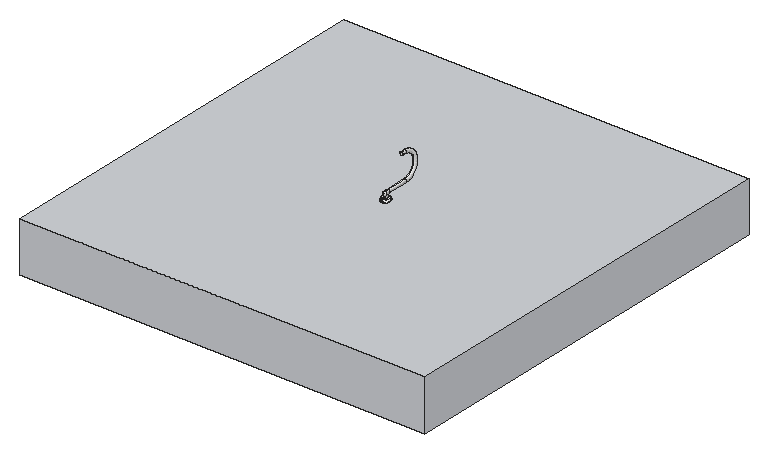
Revit family "Outlet-Sink-Caroma G Series 160-Wall_Temp_11e94ab0-6f09-42e9-84ed-d6e53cae7bb1", category Plumbing Fixtures, host Face, Revit 2015
Parameters (values of type "Chrome")
  Waste Connection = no
  Vent Connection = no
  URL = "http://specify.caroma.com.au/"
  Type Comments = "Caroma G Series Plus Wall Sink Outlet 160mm"  # constant formula
  ModifiedIssue_ANZRS = 20170419.54  # constant formula
  Model = "G02800C4A"  # constant formula
  Material_ANZRS = Metal-Chrome-Caroma
  Manufacturer = "GWA Bathrooms&Kitchens"  # constant formula
  Keynote = ""
  HWFU = 0
  HW Connection = no
  Description = "WELS 4 star rated, 7.5L/min"  # constant formula
  Default Elevation = 1000 mm
  CreatedBy_ANZRS = "Design Content"  # constant formula
  CreatedByURL_ANZRS = "http://www.designcontent.com.au/"
  Cost = 0
  ConnectorDiameter = 20 mm
  CWFU = 0
  CW Connection = yes
  Assembly Code = "D2020"
Reference planes
  plane 1 "Center (Front/Back)": y = 0
  plane 2: z = 0
  plane 3 "Center (Left/Right)": x = 0
Forms (mm)
  Extrusion 1, solid
    sketch origin (-11.577, 4.584, 0) x (1, 0, 0) y (0, 1, 0)
      loop
        line (-1219.2, 1219.2) -> (-1219.2, -1219.2) -> (1219.2, -1219.2) -> (1219.2, 1219.2) -> (-1219.2, 1219.2)
    from 0 to -304.8
  Revolve 2, solid, material "Metal-Chrome-Caroma" <- "Material_ANZRS"
    sketch origin (0.225, 0, 0) x (0, 1, 0) y (0, 0, 1)
      loop
        line (-23.862, 9.872) -> (-28.131, 0.717)
        arc (-28.131, 0.717) -> (-28.127, 0.275) -> (-27.781, 0) r 0.513
        line (-27.781, 0) -> (0, 0) -> (0, 36.03) -> (-7.998, 36.03) -> (-7.998, 15.834)
        arc (-7.998, 15.834) -> (-8.762, 13.833) -> (-10.667, 12.853) r 3
        arc (-10.667, 12.853) -> (-13.746, 12.425) -> (-16.821, 11.962) r 270.607
        arc (-16.821, 11.962) -> (-19.88, 11.399) -> (-22.905, 10.675) r 58.369
        arc (-22.905, 10.675) -> (-23.472, 10.379) -> (-23.862, 9.872) r 1.478
      axis (0, 36.03) -> (0, 0)
    angle from 0 to 360
  Revolve 3, solid, material "Metal-Chrome-Caroma" <- "Material_ANZRS"
    sketch origin (0.156, 0, 0) x (0, 1, 0) y (0, 0, 1)
      loop
        arc (-13.001, 29.99) -> (-12.125, 27.876) -> (-10.011, 27) r 2.99
        line (-10.011, 27) -> (13.544, 27)
        arc (13.544, 27) -> (14.558, 27.42) -> (15.006, 28.434) r 1.434
        line (15.006, 28.434) -> (15.006, 38.099) -> (-13.001, 38.099) -> (-13.001, 29.99)
      axis (-13.001, 38.099) -> (15.006, 38.099)
    angle from 0 to 360
  Sweep 4, solid, material "Metal-Chrome-Caroma" <- "Material_ANZRS"
    path origin (0, 0, 0) x (0, 1, 0) y (0, 0, 1)
      loop
        line (14.964, 38.103) -> (142.047, 38.103)
        arc (142.047, 38.103) -> (222.046, 118.101) -> (142.047, 198.1) r 79.999
        line (142.047, 198.1) -> (121.354, 198.1)
    profile origin (0, 78.506, 38.103) x (0, 0, 1) y (1, 0, 0)
      loop
        circle (-0.035, 0.283) r 9.5
Cuts and joins
  joined: Revolve 2, Sweep 4
Lines and regions (mm)
  Masking region 1
    outline origin (0, -0.549, 0) x (0, 1, 0) y (0, 0, 1)
      loop
        line (142.698, 207.629) -> (121.903, 207.629) -> (121.903, 188.55) -> (142.608, 188.55)
        arc (142.608, 188.55) -> (213.058, 118.1) -> (142.608, 47.65) r 70.45
        line (142.608, 47.65) -> (15.556, 47.65)
        arc (15.556, 47.65) -> (15.504, 48.073) -> (15.346, 48.47) r 1.655
        arc (15.346, 48.47) -> (14.76, 49.041) -> (13.956, 49.198) r 1.434
        line (13.956, 49.198) -> (-9.445, 49.198)
        arc (-9.445, 49.198) -> (-11.571, 48.318) -> (-12.452, 46.192) r 3.006
        line (-12.452, 46.192) -> (-12.452, 29.99)
        arc (-12.452, 29.99) -> (-11.576, 27.876) -> (-9.462, 27) r 2.99
        line (-9.462, 27) -> (-7.449, 27) -> (-7.449, 15.824)
        arc (-7.449, 15.824) -> (-7.696, 14.777) -> (-8.213, 13.834) r 3.998
        arc (-8.213, 13.834) -> (-9.1, 13.216) -> (-10.117, 12.853) r 4.08
        arc (-10.117, 12.853) -> (-13.197, 12.425) -> (-16.271, 11.962) r 270.607
        arc (-16.271, 11.962) -> (-19.331, 11.399) -> (-22.355, 10.675) r 58.369
        arc (-22.355, 10.675) -> (-22.923, 10.379) -> (-23.312, 9.872) r 1.478
        line (-23.312, 9.872) -> (-27.581, 0.717)
        arc (-27.581, 0.717) -> (-27.577, 0.275) -> (-27.231, 0) r 0.513
        line (-27.231, 0) -> (0.549, 0) -> (28.33, 0)
        arc (28.33, 0) -> (28.676, 0.275) -> (28.68, 0.717) r 0.513
        line (28.68, 0.717) -> (24.411, 9.872)
        arc (24.411, 9.872) -> (24.021, 10.379) -> (23.454, 10.675) r 1.478
        arc (23.454, 10.675) -> (20.429, 11.399) -> (17.37, 11.962) r 58.369
        arc (17.37, 11.962) -> (14.295, 12.425) -> (11.216, 12.853) r 270.607
        arc (11.216, 12.853) -> (10.198, 13.216) -> (9.312, 13.834) r 4.08
        arc (9.312, 13.834) -> (8.795, 14.777) -> (8.548, 15.824) r 3.998
        line (8.548, 15.824) -> (8.548, 27) -> (14.094, 27)
        arc (14.094, 27) -> (14.82, 27.198) -> (15.346, 27.736) r 1.434
        arc (15.346, 27.736) -> (15.506, 28.141) -> (15.555, 28.575) r 1.655
        line (15.555, 28.575) -> (142.698, 28.575)
        arc (142.698, 28.575) -> (232.225, 118.102) -> (142.698, 207.629) r 89.527
  Masking region 2
    outline origin (0, 0, 0) x (1, 0, 0) y (0, 0, 1)
      loop
        line (9.783, 198.141) -> (9.783, 43.621)
        arc (9.783, 43.621) -> (11.218, 36.751) -> (8.22, 30.405) r 11.035
        line (8.22, 30.405) -> (8.22, 15.666)
        arc (8.22, 15.666) -> (9.051, 13.78) -> (10.891, 12.853) r 3.051
        arc (10.891, 12.853) -> (13.448, 12.516) -> (15.999, 12.135) r 148.371
        arc (15.999, 12.135) -> (18.965, 11.652) -> (21.896, 10.988) r 49.043
        arc (21.896, 10.988) -> (22.569, 10.828) -> (23.235, 10.642) r 17.544
        arc (23.235, 10.642) -> (23.709, 10.378) -> (24.036, 9.945) r 1.316
        line (24.036, 9.945) -> (28.343, 0.728)
        arc (28.343, 0.728) -> (28.361, 0.277) -> (28.005, 0) r 0.493
        line (28.005, 0) -> (-27.556, 0)
        arc (-27.556, 0) -> (-27.912, 0.277) -> (-27.893, 0.728) r 0.493
        line (-27.893, 0.728) -> (-23.587, 9.945)
        arc (-23.587, 9.945) -> (-23.26, 10.378) -> (-22.785, 10.642) r 1.316
        arc (-22.785, 10.642) -> (-22.12, 10.828) -> (-21.447, 10.988) r 17.544
        arc (-21.447, 10.988) -> (-18.516, 11.652) -> (-15.55, 12.135) r 49.043
        arc (-15.55, 12.135) -> (-12.999, 12.516) -> (-10.442, 12.853) r 148.371
        arc (-10.442, 12.853) -> (-8.602, 13.78) -> (-7.771, 15.666) r 3.051
        line (-7.771, 15.666) -> (-7.771, 30.263)
        arc (-7.771, 30.263) -> (-10.916, 36.827) -> (-9.291, 43.921) r 11.035
        line (-9.291, 43.921) -> (-9.291, 198.141)
        arc (-9.291, 198.141) -> (0.199, 207.63) -> (9.688, 198.141) r 9.489
  Masking region 3
    outline origin (0.449, 3.868, 0) x (-1, 0, 0) y (0, -1, 0)
      loop
        line (-9.47, -22.838) -> (-9.47, -218.07)
        arc (-9.47, -218.07) -> (0.141, -227.681) -> (9.752, -218.07) r 9.611
        line (9.752, -218.07) -> (9.752, -22.907)
        arc (9.752, -22.907) -> (0.338, 32.107) -> (-9.47, -22.838) r 28.33
  symbolic lines, style "PlumbingFixtures"
    curve 1: arc (0, -7.999, 27) -> (0, -4.276, 29.352) -> (0, 0, 30.405) r 13.735
    curve 2: arc (0, 7.999, 27) -> (0, 4.276, 29.352) -> (0, 0, 30.405) r 13.735
    curve 3: arc (0.283, 0, 28.548) -> (6.793, 0, 31.122) -> (9.783, 0, 37.451) r 9.52
    curve 4: arc (-9.237, 0, 38.068) -> (-6.449, 0, 31.336) -> (0.283, 0, 28.548) r 9.52
    curve 5: line (0, 15.006, 47.63) -> (0, 15.006, 28.575)
    curve 6: line (-9.261, 121.343, 0) -> (9.919, 121.343, 0)
    curve 7: line (9.919, 14.978, 0) -> (2.484, 14.978, 0)
    curve 8: line (-8.031, -12.988, 0) -> (8.482, -12.988, 0)
    curve 9: line (-10.951, 13.571, 0) -> (-10.951, -10.068, 0)
    curve 15: line (11.402, 13.571, 0) -> (11.402, -10.068, 0)
  symbolic lines
    curve 10: arc (-10.951, -10.068, 0) -> (-10.095, -12.133, 0) -> (-8.031, -12.988, 0) r 2.92
    curve 11: arc (-9.544, 14.978, 0) -> (-10.539, 14.566, 0) -> (-10.951, 13.571, 0) r 1.406
    curve 12: line (-9.303, 26.775, 0) -> (-9.303, 14.978, 0)
    curve 13: line (9.919, 26.706, 0) -> (9.919, 14.978, 0)
    curve 14: line (2.484, 14.978, 0) -> (-9.544, 14.978, 0)
    curve 16: arc (11.402, -10.068, 0) -> (10.547, -12.133, 0) -> (8.482, -12.988, 0) r 2.92
    curve 17: arc (9.919, 14.976, 0) -> (10.963, 14.593, 0) -> (11.402, 13.571, 0) r 1.406
    curve 18: line (-9.291, 0, 43.921) -> (-9.291, 0, 38.068)
    curve 19: line (9.783, 0, 43.621) -> (9.783, 0, 37.451)
    curve 20: arc (8.22, 0, 30.405) -> (0.252, 0, 26.978) -> (-7.773, 0, 30.268) r 11.199
Dimensions and locks
  aligned and locked: plane 2 to Extrusion 1
  aligned and locked: level to Extrusion 1
Connectors
  piping at (0.225, 0, 0), diameter 20, driven by "ConnectorDiameter"
    settings: on Revolve 2, index 1, connector inside diameter 24", connector length 0 mm, flow factor 0, pipe flow 0 GPM, pressure drop 0.00 psi, fitting loss kfactor 0, connector angle 0.00°, fixture units 0, engagement length 0 mm, angle of deflection 0.00°, flow configuration 3, flow direction 1, fitting loss method 0, system type 20, joint type 0, gender type 0, connector reference index -1, connector utility 0, adjustable connector no, is connector primary yes, connector description "Connector"
